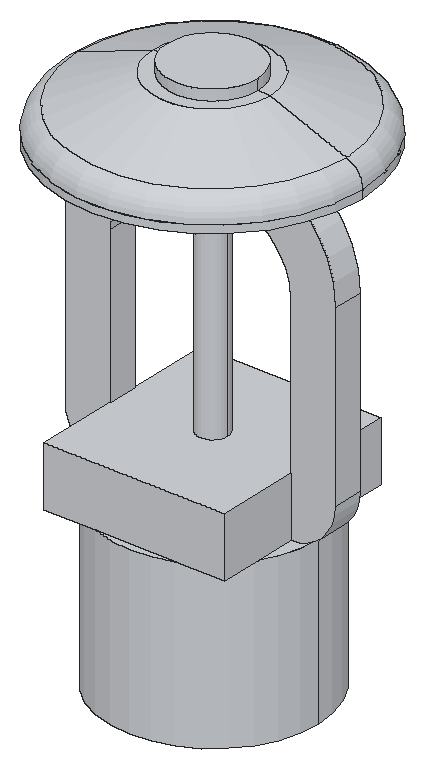
Revit family
Parameters (values of type "RASCO F156-300 UPRIGHT")
  URL = ""
  Temperature Rating = 155 °F
  Response = (empty or 0)
  RASCO SIN # = "RA2525"
  RASCO Part # = "F56U1C3"
  Pressure Rating = "300 PSI"
  Pressure Class = 1
  Orifice Size = 1/2"
  Orifice = (empty or 0)
  Model = "F156-300"
  Manufacturer = "RASCO"
  K-Factor = 5.6
  Description = "Chrome Finish"
  Coverage = (empty or 0)
Reference planes (in)
  plane 1 "Center (Front/Back)": y = 0
  plane 2: z = 0
  plane 3 "Center (Left/Right)": x = 0
Nested families (in)
  nested 1: "F56U1C3" at (0, 0, 0), type "RASCO F156-300 UPRIGHT"
Connectors (in)
  piping at (0, 0, 0)
    settings: on nested 1, index 1, connector radius 55/128", flow factor 0, pipe flow 0 GPM, pressure drop 0.00 psi, fitting loss kfactor 0, connector angle 0.00°, fixture units 0, flow configuration 0, flow direction 0, fitting loss method 0, system type 7, connector reference index -1, connector utility 0, adjustable connector no, is connector primary yes, fitting loss table "", connector description ""
Definition of nested family "F56U1C3"
  Parameters (values of type "RASCO F156-300 UPRIGHT")
    Type Comments = ""
    Temperature Rating = 0 °F
    Response = (empty or 0)
    Pressure Rating = "0"
    Pressure Class = (empty or 0)
    Orifice Size = 0"
    Orifice = (empty or 0)
    Model = ""
    Manufacturer = ""
    K-Factor = 0
    Description = ""
    Coverage = (empty or 0)
    Assembly Code = ""
  Reference planes (in)
    plane 1 "Center (Front/Back)": y = 0
    plane 2: z = 0
    plane 3 "ref.2": z = 0.6875
    plane 4 "ref.3": z = 0.9375
    plane 5: x = -0.38065
    plane 6: x = 0.36935
    plane 7 "ref. side 1": y = 0.06402
    plane 8 "ref. side 2": y = -0.06098
    plane 9 "ref.4": z = 1.875
    plane 10 "ref.5": z = 2.3125
    plane 11 "ref.6": z = 2.4375
  Forms (in)
    Extrusion 1, solid
      sketch origin (0, 0, 0) x (1, 0, 0) y (0, 1, 0)
        loop
          circle (0, 0) r 0.4375
      from 0 to 0.6875
    Extrusion 2, solid
      sketch origin (-0.12185, 0.05177, 0.6875) x (1, 0, 0) y (0, 1, 0)
        loop
          line (-0.2588, 0.356) -> (-0.2588, -0.4565) -> (0.4912, -0.4565) -> (0.4912, 0.356) -> (-0.2588, 0.356)
      from 0 to 0.25
    Extrusion 3, solid
      sketch origin (0, 0, 0) x (1, 0, 0) y (0, 0, 1)
        loop
          line (-0.38065, 0.68754) -> (-0.38065, 1.58397)
          arc (-0.38065, 1.58397) -> (-0.29541, 1.78976) -> (-0.08962, 1.875) r 0.29103
          line (-0.08962, 1.875) -> (0.07524, 1.875)
          arc (0.07524, 1.875) -> (0.28321, 1.78886) -> (0.36935, 1.58089) r 0.29411
          line (0.36935, 1.58089) -> (0.36935, 0.68751)
          arc (0.36935, 0.68751) -> (0.50207, 0.74393) -> (0.55685, 0.87734) r 0.18984
          line (0.55685, 0.87734) -> (0.55685, 1.61676)
          arc (0.55685, 1.61676) -> (0.42629, 1.93194) -> (0.11111, 2.0625) r 0.44574
          line (0.11111, 2.0625) -> (-0.12259, 2.0625)
          arc (-0.12259, 2.0625) -> (-0.43765, 1.932) -> (-0.56815, 1.61694) r 0.44556
          line (-0.56815, 1.61694) -> (-0.56815, 0.87876)
          arc (-0.56815, 0.87876) -> (-0.51345, 0.74486) -> (-0.38065, 0.68754) r 0.19126
      from -0.06402 to 0.06098
    Extrusion 4, solid
      sketch origin (0, 0, 0.9375) x (-1, 0, 0) y (0, -1, 0)
        loop
          circle (0.00574, -0.00152) r 0.0625
      from 0 to 0.9375
    Extrusion 5, solid
      sketch origin (0, 0, 1.875) x (-1, 0, 0) y (0, -1, 0)
        loop
          circle (0.00574, -0.00152) r 0.1875
      from 0 to 0.4375
    Revolve 6, solid
      sketch origin (0, 0, -0.31276) x (1, 0, 0) y (0, 0, 1)
        loop
          line (-0.19324, 2.33367) -> (-0.19324, 2.58367) -> (-0.24995, 2.58367) -> (-0.56395, 2.46314)
          arc (-0.56395, 2.46314) -> (-0.61243, 2.42492) -> (-0.63074, 2.36595) r 0.1041
          line (-0.63074, 2.36595) -> (-0.63074, 2.33367) -> (-0.19324, 2.33367)
        axis (-0.00574, 2.33367) -> (-0.00574, 2.58367)
      angle from 0 to 360
  Cuts and joins
    joined: Extrusion 1, Extrusion 2, Extrusion 4, Revolve 6
  Lines and regions (in)
    model lines
      curve 1: line (-0.00574, 0.06402, 1.875) -> (-0.00574, -0.06098, 1.875)
